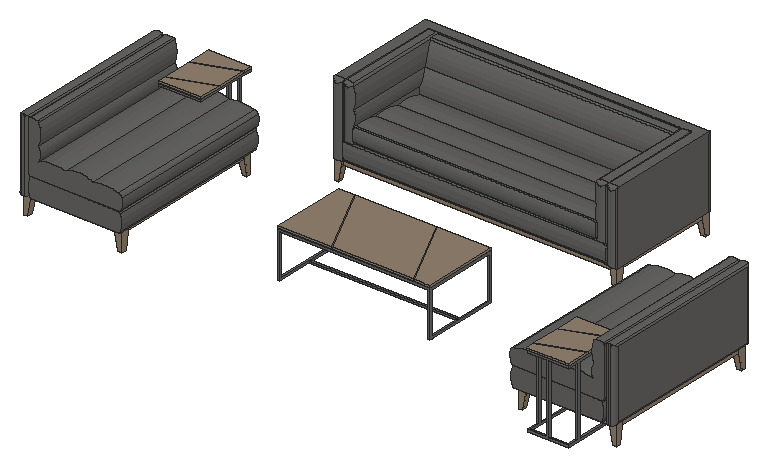
Revit family "Gus-Atwood_Layout_01-Teknion-R2015", category Furniture Systems, Revit 2016 (continued)
Definition of nested family "Seating-Lounge-Teknion-ECLGATWO_Atwood-R2015"
  Definition of nested family "Seating-Lounge-Teknion-Atwood-2D"
    Lines and regions (in)
      model lines, in view "Ref. Level", detail levels medium+fine
        curve 4: arc (-23.80919, 9.31792, 0) -> (-23.73163, 9.18791, 0) -> (-23.61209, 9.09502, 0) r 0.40894
        curve 5: line (15.75772, 9.09371, 0) -> (7.88373, 9.09359, 0)
        curve 6: line (23.63151, 9.09502, 0) -> (16.64775, 8.96732, 0)
        curve 7: line (16.64775, 8.96732, 0) -> (15.75772, 9.09371, 0)
        curve 8: line (-15.73827, 9.09372, 0) -> (-16.62791, 8.9672, 0)
        curve 9: line (-16.54464, 8.98569, 0) -> (-23.61209, 9.09502, 0)
        curve 10: line (-7.86431, 9.09359, 0) -> (-15.73827, 9.09372, 0)
        curve 11: line (-7.84692, 9.08777, 0) -> (-7.86431, 9.09359, 0)
      model lines, in view "Ref. Level"
        curve 12: line (-23.77, 11.87897, 0) -> (23.78942, 11.87897, 0)
      model lines, in view "Ref. Level", detail levels fine
        curve 13: line (-24.46997, 1.33315, 0) -> (24.48939, 1.33315, 0)
        curve 14: line (-24.47386, -6.56805, 0) -> (24.48939, -6.56805, 0)
      detail lines, in view "Ref. Level", detail levels fine
        curve 15: line (-15.73827, 9.09372, 0) -> (-15.73827, -15.17879, 0)
        curve 16: line (-7.86431, 9.09359, 0) -> (-7.86431, -15.17879, 0)
        curve 17: line (0.00971, 9.09359, 0) -> (0.00971, -15.17879, 0)
        curve 18: line (15.75769, 9.09372, 0) -> (15.75769, -15.17879, 0)
        curve 19: line (7.88373, 9.09359, 0) -> (7.88373, -15.17879, 0)
      detail lines, in view "Ref. Level", detail levels medium+fine
        curve 20: arc (-7.86431, 9.09359, 0) -> (-3.9273, 8.50727, 0) -> (0.00971, 9.09359, 0) r 13.51141
        curve 21: arc (7.88373, 9.09359, 0) -> (3.94672, 8.50727, 0) -> (0.00971, 9.09359, 0) r 13.51141
Definition of nested family "Table-Teknion-ECNTTOBI_Tobias-R2015"
  Parameters (values of type "Nesting Table")
    Width = 1' - 6"
    Warranty = "https://d2r72yk5wmppdj.cloudfront.net/m/03d6e2ec3734b7d8/original/Gus-Limited-Warranty.pdf"
    URL = "http://www.teknion.com/ca/products/landing-pages/gus-modern"
    Series = "Gus Modern"
    Product Page URL = "http://www.teknion.com/ca/products/landing-pages/gus-modern"
    Product Line = "Tobias"
    Part Number = "ECNTTOBI"
    Model = "ECNTTOBI-wn-bp"
    Manufacturer Phone = "416.534.0773 x37"
    Manufacturer Fax = "416.534.2452"
    Manufacturer Contact Information = "Teknion@gusdesigngroup.com"
    Manufacturer Address = "223 Evans Avenue. Toronto, Ontario. Canada. M8Z 1J5"
    Manufacturer = "Gus* Modern"  # constant formula
    Height = 1' - 10"
    Description = "Tobias Nesting Table Walnut Black"
    Depth = 1' - 0"
    Assembly Code = "E2020200"
  Reference planes (in)
    plane 1 "Center F/B": y = 0
    plane 2 "Bottom": z = 0
    plane 3 "Center L/R": x = 0
    plane 4 "Top": z = 21.88976
    plane 5 "Left": x = -9.05512
    plane 6 "Right": x = 9.05512
    plane 7 "Back": y = 6.00394
    plane 8 "Front": y = -6.00394
    plane 9 "Leg 3": through (5.44136, -17.86999, 0.3) normal (-0.8849, 0.4305, 0.1776)
  Forms (in)
    Sweep 1, solid
      path origin (0, 0, 0) x (1, 0, 0) y (0, 0, 1)
        loop
          line (0, 21.37795) -> (0, 21.1811)
      profile origin (0, 0, 21.27953) x (0, -1, 0) y (1, 0, 0)
        loop
          line (-5.61024, -8.66142) -> (5.61024, -8.66142) -> (5.61024, 8.66142) -> (-5.61024, 8.66142) -> (-5.61024, -8.66142)
    Sweep 2, solid
      path origin (0, 0, 0) x (1, 0, 0) y (0, 0, 1)
        loop
          line (0, 21.88976) -> (0, 21.37795)
      profile origin (0, 0, 21.63386) x (0, -1, 0) y (1, 0, 0)
        loop
          line (6.00394, -2.16535) -> (6.00394, 6.49606) -> (-6.00394, 2.16535) -> (-6.00394, -6.49606) -> (6.00394, -2.16535)
    Sweep 3, solid
      path origin (0, 0, 0) x (1, 0, 0) y (0, 0, 1)
        loop
          line (0, 0) -> (0, 0.11811)
      profile origin (0, 0, 0.05906) x (-1, 0, 0) y (0, -1, 0)
        loop
          circle (8.34646, -5.66929) r 0.15748
        loop
          circle (-8.50394, -5.66929) r 0.15748
        loop
          circle (-8.50394, 5.66929) r 0.15748
        loop
          circle (8.34646, 5.66929) r 0.15748
    Extrusion 4, solid
      sketch origin (-70.30209, -14.1114, 0) x (0, -1, 0) y (1, 0, 0)
        loop
          line (-8.10746, 61.24698) -> (-8.10746, 68.13674) -> (-20.11534, 63.80603) -> (-20.11534, 61.24698) -> (-8.10746, 61.24698)
        loop
          line (-20.11534, 72.46745) -> (-8.10746, 76.79816) -> (-8.10746, 79.35721) -> (-20.11534, 79.35721) -> (-20.11534, 72.46745)
      from 21.37795 to 21.88976
    Sweep 5, solid
      path origin (0, 0, 0) x (1, 0, 0) y (0, 0, 1)
        loop
          line (0, 20.59055) -> (0, 0.70866)
      profile origin (0, 0, 10.64961) x (0, -1, 0) y (1, 0, 0)
        loop
          line (-5.96457, 5.07874) -> (-5.37402, 5.07874) -> (-5.37402, 5.66929) -> (-5.96457, 5.66929) -> (-5.96457, 5.07874)
        loop
          line (5.96457, 5.07874) -> (5.96457, 5.66929) -> (5.37402, 5.66929) -> (5.37402, 5.07874) -> (5.96457, 5.07874)
        loop
          line (-0.29528, 8.4252) -> (0.29528, 8.4252) -> (0.29528, 9.01575) -> (-0.29528, 9.01575) -> (-0.29528, 8.4252)
    Sweep 6, solid
      path origin (0, 0, 0) x (1, 0, 0) y (0, 1, 0)
        loop
          line (-9.05512, 6.00394) -> (-9.05512, -6.00394) -> (9.05512, -6.00394) -> (9.05512, 6.00394) -> (-9.05512, 6.00394)
      profile origin (-9.05512, 0, 0) x (-1, 0, 0) y (0, 0, 1)
        loop
          line (-0.03937, 0.70866) -> (-0.62992, 0.70866) -> (-0.62992, 0.11811) -> (-0.03937, 0.11811) -> (-0.03937, 0.70866)
        loop
          line (-0.03937, 21.1811) -> (-0.62992, 21.1811) -> (-0.62992, 20.59055) -> (-0.03937, 20.59055) -> (-0.03937, 21.1811)
  Cuts and joins
    joined: Sweep 5, Sweep 6
  Lines and regions (in)
    Masking region 1
      outline origin (0, 0, 21.88976) x (0, 1, 0) y (-1, 0, 0)
        loop
          line (6.00394, 9.05512) -> (-6.00394, 9.05512) -> (-6.00394, -9.05512) -> (6.00394, -9.05512) -> (6.00394, 9.05512)
    symbolic lines, detail levels medium+fine
      curve 1: line (-2.16535, -6.00394, 21.88976) -> (-6.49606, 6.00394, 21.88976)
      curve 2: line (2.16535, 6.00394, 21.88976) -> (6.49606, -6.00394, 21.88976)
    symbolic lines, detail levels fine
      curve 3: line (-8.4252, 5.37402, 21.88976) -> (8.4252, 5.37402, 21.88976)
      curve 4: line (8.4252, 5.37402, 21.88976) -> (8.4252, -5.37402, 21.88976)
      curve 5: line (8.4252, -5.37402, 21.88976) -> (-8.4252, -5.37402, 21.88976)
      curve 6: line (-8.4252, -5.37402, 21.88976) -> (-8.4252, 5.37402, 21.88976)
  Dimensions and locks (in)
    equal spacing: plane 8 "Front", plane 1 "Center F/B", plane 7 "Back"
    equal spacing: plane 5 "Left", plane 3 "Center L/R", plane 6 "Right"
    plane 4 "Top" to Sweep 1 sketch curve to Sweep 1 sketch curve = 0' - 0.51181" locked, 0' - 0.19685" locked
    locked: plane 8 "Front" to Sweep 1 sketch curve at 0.3937
    locked: plane 5 "Left" to Sweep 1 sketch curve at 0.3937
    locked: Sweep 1 sketch curve to plane 6 "Right" at 0.3937
    locked: plane 7 "Back" to Sweep 1 sketch curve at 0.3937
    locked: plane 4 "Top" to Sweep 2 sketch curve at 0.51181
    locked: Sweep 3 sketch curve to plane 2 "Bottom" at 0.11811
    locked: plane 4 "Top" to Extrusion 4 at 0.51181
    plane 5 "Left" to Sweep 2 sketch curve = 0' - 2.55906"
    locked: Sweep 2 sketch curve to plane 6 "Right" at 6.88976
    locked: plane 4 "Top" to plane 2 "Bottom" at 21.88976
    locked: Sweep 5 sketch curve to plane 2 "Bottom" at 0.70866
    plane 3 "Center L/R" to Sweep 5 sketch curve to Sweep 5 sketch curve = 0' - 5.07874" locked, 0' - 0.59055" locked
    locked: plane 7 "Back" to plane 8 "Front" at 12.00787
    locked: plane 5 "Left" to plane 6 "Right" at 18.11024
    locked: plane 5 "Left" to Extrusion 4 sketch curve at 6.88976
    locked: plane 5 "Left" to Extrusion 4 sketch curve at 2.55906
    locked: Extrusion 4 sketch curve to plane 6 "Right" at 6.88976
    locked: Extrusion 4 sketch curve to plane 6 "Right" at 2.55906
    locked: plane 5 "Left" to Sweep 2 sketch curve at 2.55906
    locked: Sweep 2 sketch curve to plane 6 "Right" at 2.55906
    locked: Sweep 6 sketch curve to plane 2 "Bottom" at 0.11811
    Sweep 5 sketch curve to Sweep 5 sketch curve to plane 6 "Right" = 0' - 0.59055" locked, 0' - 3.38583" locked
    locked: Sweep 5 sketch curve to Sweep 5 sketch curve at 0.59055
    locked: Sweep 6 sketch curve to plane 5 "Left" at 0.03937  (x2)
    locked: plane 4 "Top" to Sweep 5 sketch curve at 1.29921
    locked: plane 5 "Left" to Sweep 3 sketch curve at 0.70866
    locked: plane 7 "Back" to Sweep 3 sketch curve at 0.33465
    Sweep 5 sketch curve to plane 1 "Center F/B" to Sweep 5 sketch curve = 0' - 0.29528" locked, 0' - 0.29528" locked
    aligned and locked: level to plane 2 "Bottom"
    aligned and locked: Sweep 1 sketch curve to plane 3 "Center L/R"
    aligned and locked: Sweep 2 sketch curve to plane 7 "Back"
    aligned and locked: plane 8 "Front" to Sweep 2 sketch curve
    aligned and locked: Sweep 2 sketch curve to plane 3 "Center L/R"
    aligned and locked: plane 4 "Top" to Sweep 2 sketch curve
    aligned and locked: plane 5 "Left" to Masking region 1 sketch curve
    aligned and locked: Masking region 1 sketch curve to plane 7 "Back"
    aligned and locked: plane 6 "Right" to Masking region 1 sketch curve
    aligned and locked: Masking region 1 sketch curve to plane 8 "Front"
    aligned and locked: plane 3 "Center L/R" to Sweep 3 sketch curve
    aligned and locked: plane 2 "Bottom" to Sweep 3 sketch curve
    aligned and locked: Extrusion 4 sketch curve to plane 8 "Front"
    aligned and locked: plane 6 "Right" to Extrusion 4 sketch curve
    aligned and locked: Extrusion 4 sketch curve to plane 7 "Back"
    aligned and locked: plane 5 "Left" to Extrusion 4 sketch curve
    aligned and locked: plane 4 "Top" to Extrusion 4
    aligned and locked: Sweep 5 sketch curve to plane 3 "Center L/R"
    aligned and locked: plane 6 "Right" to Sweep 6 sketch curve
    aligned and locked: Sweep 6 sketch curve to plane 7 "Back"
    aligned and locked: plane 5 "Left" to Sweep 6 sketch curve
    aligned and locked: Sweep 6 sketch curve to plane 8 "Front"
    aligned and locked: curve 1 to Extrusion 4
    aligned and locked: curve 2 to Extrusion 4
    aligned and locked: plane 7 "Back" to curve 1
    aligned and locked: plane 7 "Back" to curve 2
    aligned and locked: plane 8 "Front" to curve 1
    aligned and locked: plane 8 "Front" to curve 2
    aligned and locked: curve 3 to cut or joined group of Sweep 5, Sweep 6
    aligned and locked: curve 4 to cut or joined group of Sweep 5, Sweep 6
    aligned and locked: curve 5 to cut or joined group of Sweep 5, Sweep 6
    aligned and locked: curve 6 to cut or joined group of Sweep 5, Sweep 6
  Automatic sketch dimensions
    profile plane to Sweep 2 sketch curve = 0' - 2.16535"
    Extrusion 4 sketch curve to plane 7 "Back" = 0' - 0"
    plane 8 "Front" to Extrusion 4 sketch curve = 0' - 0"
    Sweep 6 sketch curve to Sweep 6 sketch curve = 0' - 0.59055"  (x4)
    Sweep 6 sketch curve to Sweep 6 sketch curve = 1' - 7.88189"
    Sweep 5 sketch curve to plane 1 "Center F/B" = 0' - 5.96457"
    Sweep 5 sketch curve to Sweep 5 sketch curve = 0' - 0.59055"  (x2)
    plane 1 "Center F/B" to Sweep 5 sketch curve = 0' - 5.37402"
    Sweep 5 sketch curve to Sweep 5 sketch curve = 0' - 2.75591"
    Sweep 3 sketch curve to profile plane = 0' - 8.34646"
    profile plane to Sweep 3 sketch curve = 0' - 8.50394"  (x2)
    Sweep 3 sketch curve to plane 1 "Center F/B" = 0' - 5.66929"
    plane 1 "Center F/B" to Sweep 3 sketch curve = 0' - 5.66929"  (x2)
    radius of Sweep 3 sketch curve = 0' - 0.15748"  (x4)
